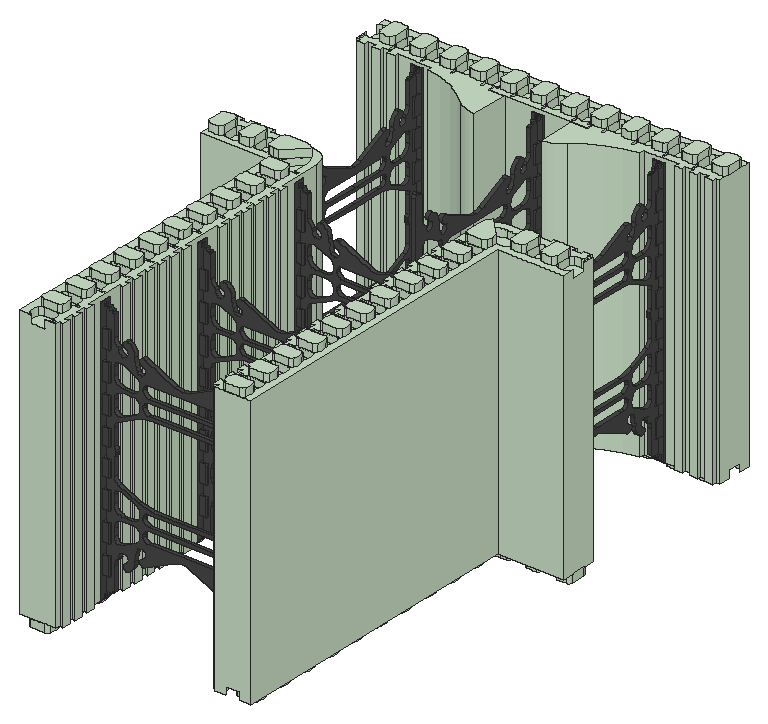
Revit family (continued)
Forms (in)
  Extrusion 46, void
    sketch origin (4, 6, 0) x (-1, 0, 0) y (0, -1, 0)
      loop
        arc (-5.13595, 25.8269) -> (-5.1875, 25.49998) -> (-5.13595, 25.17306) r 1.0625
    from 0 to 0.5
  Extrusion 47, void
    sketch origin (4, 8, 0) x (-1, 0, 0) y (0, -1, 0)
      loop
        arc (-5.13595, 25.17306) -> (-5.04517, 25.04783) -> (-4.89808, 24.99998) r 0.25
        line (-4.89808, 24.99998) -> (-3.97692, 24.99998)
        arc (-3.97692, 24.99998) -> (-3.82983, 25.04783) -> (-3.73905, 25.17306) r 0.25
        arc (-3.73905, 25.17306) -> (-3.69045, 25.4209) -> (-3.70172, 25.67321) r 1.0625
        arc (-3.70172, 25.67321) -> (-3.68771, 25.72383) -> (-3.64005, 25.7459) r 0.0625
        line (-3.64005, 25.7459) -> (-3.41845, 25.7459) -> (-3.41845, 25.91673) -> (-3.76455, 25.91673)
        arc (-3.76455, 25.91673) -> (-3.78736, 25.92104) -> (-3.80702, 25.93338) r 0.0625
        arc (-3.80702, 25.93338) -> (-3.88568, 25.98274) -> (-3.97692, 25.99998) r 0.25
        line (-3.97692, 25.99998) -> (-4.89808, 25.99998)
        arc (-4.89808, 25.99998) -> (-5.04517, 25.95213) -> (-5.13595, 25.8269) r 0.25
        arc (-5.13595, 25.8269) -> (-5.1875, 25.49998) -> (-5.13595, 25.17306) r 1.0625
    from 0 to 0.5
  Extrusion 48, void
    sketch origin (4, 10, 0) x (-1, 0, 0) y (0, -1, 0)
      loop
        arc (-5.13595, 25.17306) -> (-5.04517, 25.04783) -> (-4.89808, 24.99998) r 0.25
        line (-4.89808, 24.99998) -> (-3.97692, 24.99998)
        arc (-3.97692, 24.99998) -> (-3.82983, 25.04783) -> (-3.73905, 25.17306) r 0.25
        arc (-3.73905, 25.17306) -> (-3.69045, 25.4209) -> (-3.70172, 25.67321) r 1.0625
        arc (-3.70172, 25.67321) -> (-3.68771, 25.72383) -> (-3.64005, 25.7459) r 0.0625
        line (-3.64005, 25.7459) -> (-3.41845, 25.7459) -> (-3.41845, 25.91673) -> (-3.76455, 25.91673)
        arc (-3.76455, 25.91673) -> (-3.78736, 25.92104) -> (-3.80702, 25.93338) r 0.0625
        arc (-3.80702, 25.93338) -> (-3.88568, 25.98274) -> (-3.97692, 25.99998) r 0.25
        line (-3.97692, 25.99998) -> (-4.89808, 25.99998)
        arc (-4.89808, 25.99998) -> (-5.04517, 25.95213) -> (-5.13595, 25.8269) r 0.25
        arc (-5.13595, 25.8269) -> (-5.1875, 25.49998) -> (-5.13595, 25.17306) r 1.0625
    from 0 to 0.5
  Extrusion 49, void
    sketch origin (4, 12, 0) x (-1, 0, 0) y (0, -1, 0)
      loop
        arc (-5.13595, 25.17306) -> (-5.04517, 25.04783) -> (-4.89808, 24.99998) r 0.25
        line (-4.89808, 24.99998) -> (-3.97692, 24.99998)
        arc (-3.97692, 24.99998) -> (-3.82983, 25.04783) -> (-3.73905, 25.17306) r 0.25
        arc (-3.73905, 25.17306) -> (-3.69045, 25.4209) -> (-3.70172, 25.67321) r 1.0625
        arc (-3.70172, 25.67321) -> (-3.68771, 25.72383) -> (-3.64005, 25.7459) r 0.0625
        line (-3.64005, 25.7459) -> (-3.41845, 25.7459) -> (-3.41845, 25.91673) -> (-3.76455, 25.91673)
        arc (-3.76455, 25.91673) -> (-3.78736, 25.92104) -> (-3.80702, 25.93338) r 0.0625
        arc (-3.80702, 25.93338) -> (-3.88568, 25.98274) -> (-3.97692, 25.99998) r 0.25
        line (-3.97692, 25.99998) -> (-4.89808, 25.99998)
        arc (-4.89808, 25.99998) -> (-5.04517, 25.95213) -> (-5.13595, 25.8269) r 0.25
        arc (-5.13595, 25.8269) -> (-5.1875, 25.49998) -> (-5.13595, 25.17306) r 1.0625
    from 0 to 0.5
  Extrusion 50, void
    sketch origin (4, 14, 0) x (-1, 0, 0) y (0, -1, 0)
      loop
        arc (-5.13595, 25.17306) -> (-5.04517, 25.04783) -> (-4.89808, 24.99998) r 0.25
        line (-4.89808, 24.99998) -> (-3.97692, 24.99998)
        arc (-3.97692, 24.99998) -> (-3.82983, 25.04783) -> (-3.73905, 25.17306) r 0.25
        arc (-3.73905, 25.17306) -> (-3.69045, 25.4209) -> (-3.70172, 25.67321) r 1.0625
        arc (-3.70172, 25.67321) -> (-3.68771, 25.72383) -> (-3.64005, 25.7459) r 0.0625
        line (-3.64005, 25.7459) -> (-3.41845, 25.7459) -> (-3.41845, 25.91673) -> (-3.76455, 25.91673)
        arc (-3.76455, 25.91673) -> (-3.78736, 25.92104) -> (-3.80702, 25.93338) r 0.0625
        arc (-3.80702, 25.93338) -> (-3.88568, 25.98274) -> (-3.97692, 25.99998) r 0.25
        line (-3.97692, 25.99998) -> (-4.89808, 25.99998)
        arc (-4.89808, 25.99998) -> (-5.04517, 25.95213) -> (-5.13595, 25.8269) r 0.25
        arc (-5.13595, 25.8269) -> (-5.1875, 25.49998) -> (-5.13595, 25.17306) r 1.0625
    from 0 to 0.5
  Extrusion 51, void
    sketch origin (4.00002, -3.99998, 0) x (0, -1, 0) y (1, 0, 0)
      loop
        arc (5.67323, 3.7017) -> (5.72385, 3.68769) -> (5.74592, 3.64003) r 0.0625
        line (5.74592, 3.64003) -> (5.74592, 3.41844) -> (5.91675, 3.41844) -> (5.91675, 3.76453)
        arc (5.91675, 3.76453) -> (5.92106, 3.78734) -> (5.9334, 3.807) r 0.0625
        arc (5.9334, 3.807) -> (5.98276, 3.88566) -> (6, 3.9769) r 0.25
        line (6, 3.9769) -> (6, 4.89806)
        arc (6, 4.89806) -> (5.95215, 5.04515) -> (5.82692, 5.13593) r 0.25
        arc (5.82692, 5.13593) -> (5.66548, 5.17452) -> (5.5, 5.18748) r 1.0625
        line (5.5, 5.18748) -> (5.1875, 5.18748) -> (3.98039, 3.98037)
        arc (3.98039, 3.98037) -> (4.30482, 3.7636) -> (4.6875, 3.68748) r 1
        line (4.6875, 3.68748) -> (5.5, 3.68748)
        arc (5.5, 3.68748) -> (5.58691, 3.69104) -> (5.67323, 3.7017) r 1.0625
    from 0 to 0.5
  Extrusion 52, void
    sketch origin (35.99998, -3.99998, 0) x (0, 1, 0) y (-1, 0, 0)
      loop
        arc (-5.13595, 25.17306) -> (-5.04517, 25.04783) -> (-4.89808, 24.99998) r 0.25
        line (-4.89808, 24.99998) -> (-3.97692, 24.99998)
        arc (-3.97692, 24.99998) -> (-3.82983, 25.04783) -> (-3.73905, 25.17306) r 0.25
        arc (-3.73905, 25.17306) -> (-3.69045, 25.4209) -> (-3.70172, 25.67321) r 1.0625
        arc (-3.70172, 25.67321) -> (-3.68771, 25.72383) -> (-3.64005, 25.7459) r 0.0625
        line (-3.64005, 25.7459) -> (-3.41845, 25.7459) -> (-3.41845, 25.91673) -> (-3.76455, 25.91673)
        arc (-3.76455, 25.91673) -> (-3.78736, 25.92104) -> (-3.80702, 25.93338) r 0.0625
        arc (-3.80702, 25.93338) -> (-3.88568, 25.98274) -> (-3.97692, 25.99998) r 0.25
        line (-3.97692, 25.99998) -> (-4.89808, 25.99998)
        arc (-4.89808, 25.99998) -> (-5.04517, 25.95213) -> (-5.13595, 25.8269) r 0.25
        arc (-5.13595, 25.8269) -> (-5.1875, 25.49998) -> (-5.13595, 25.17306) r 1.0625
    from 0 to 0.5
  Extrusion 53, void
    sketch origin (37.99998, -3.99998, 0) x (0, 1, 0) y (-1, 0, 0)
      loop
        arc (-5.13595, 25.17306) -> (-5.04517, 25.04783) -> (-4.89808, 24.99998) r 0.25
        line (-4.89808, 24.99998) -> (-3.97692, 24.99998)
        arc (-3.97692, 24.99998) -> (-3.82983, 25.04783) -> (-3.73905, 25.17306) r 0.25
        arc (-3.73905, 25.17306) -> (-3.69045, 25.4209) -> (-3.70172, 25.67321) r 1.0625
        arc (-3.70172, 25.67321) -> (-3.68771, 25.72383) -> (-3.64005, 25.7459) r 0.0625
        line (-3.64005, 25.7459) -> (-3.41845, 25.7459) -> (-3.41845, 25.91673) -> (-3.76455, 25.91673)
        arc (-3.76455, 25.91673) -> (-3.78736, 25.92104) -> (-3.80702, 25.93338) r 0.0625
        arc (-3.80702, 25.93338) -> (-3.88568, 25.98274) -> (-3.97692, 25.99998) r 0.25
        line (-3.97692, 25.99998) -> (-4.89808, 25.99998)
        arc (-4.89808, 25.99998) -> (-5.04517, 25.95213) -> (-5.13595, 25.8269) r 0.25
        arc (-5.13595, 25.8269) -> (-5.1875, 25.49998) -> (-5.13595, 25.17306) r 1.0625
    from 0 to 0.5
  Extrusion 54, void
    sketch origin (15.99998, -0.00002, 0) x (0, -1, 0) y (1, 0, 0)
      loop
        arc (-5.13595, -25.17306) -> (-5.1875, -25.49998) -> (-5.13595, -25.8269) r 1.0625
        arc (-5.13595, -25.8269) -> (-5.04517, -25.95213) -> (-4.89808, -25.99998) r 0.25
        line (-4.89808, -25.99998) -> (-3.97692, -25.99998)
        arc (-3.97692, -25.99998) -> (-3.88568, -25.98274) -> (-3.80702, -25.93338) r 0.25
        arc (-3.80702, -25.93338) -> (-3.78736, -25.92104) -> (-3.76455, -25.91673) r 0.0625
        line (-3.76455, -25.91673) -> (-3.41845, -25.91673) -> (-3.41845, -25.7459) -> (-3.64005, -25.7459)
        arc (-3.64005, -25.7459) -> (-3.68771, -25.72383) -> (-3.70172, -25.67321) r 0.0625
        arc (-3.70172, -25.67321) -> (-3.69045, -25.4209) -> (-3.73905, -25.17306) r 1.0625
        arc (-3.73905, -25.17306) -> (-3.82983, -25.04783) -> (-3.97692, -24.99998) r 0.25
        line (-3.97692, -24.99998) -> (-4.89808, -24.99998)
        arc (-4.89808, -24.99998) -> (-5.04517, -25.04783) -> (-5.13595, -25.17306) r 0.25
    from 18 to 17.5
  Extrusion 55, void
    sketch origin (17.99998, -0.00002, 0) x (0, -1, 0) y (1, 0, 0)
      loop
        arc (-5.13595, -25.17306) -> (-5.1875, -25.49998) -> (-5.13595, -25.8269) r 1.0625
        arc (-5.13595, -25.8269) -> (-5.04517, -25.95213) -> (-4.89808, -25.99998) r 0.25
        line (-4.89808, -25.99998) -> (-3.97692, -25.99998)
        arc (-3.97692, -25.99998) -> (-3.88568, -25.98274) -> (-3.80702, -25.93338) r 0.25
        arc (-3.80702, -25.93338) -> (-3.78736, -25.92104) -> (-3.76455, -25.91673) r 0.0625
        line (-3.76455, -25.91673) -> (-3.41845, -25.91673) -> (-3.41845, -25.7459) -> (-3.64005, -25.7459)
        arc (-3.64005, -25.7459) -> (-3.68771, -25.72383) -> (-3.70172, -25.67321) r 0.0625
        arc (-3.70172, -25.67321) -> (-3.69045, -25.4209) -> (-3.73905, -25.17306) r 1.0625
        arc (-3.73905, -25.17306) -> (-3.82983, -25.04783) -> (-3.97692, -24.99998) r 0.25
        line (-3.97692, -24.99998) -> (-4.89808, -24.99998)
        arc (-4.89808, -24.99998) -> (-5.04517, -25.04783) -> (-5.13595, -25.17306) r 0.25
    from 18 to 17.5
  Extrusion 56, void
    sketch origin (19.99998, -0.00002, 0) x (0, -1, 0) y (1, 0, 0)
      loop
        arc (-5.13595, -25.17306) -> (-5.1875, -25.49998) -> (-5.13595, -25.8269) r 1.0625
        arc (-5.13595, -25.8269) -> (-5.04517, -25.95213) -> (-4.89808, -25.99998) r 0.25
        line (-4.89808, -25.99998) -> (-3.97692, -25.99998)
        arc (-3.97692, -25.99998) -> (-3.88568, -25.98274) -> (-3.80702, -25.93338) r 0.25
        arc (-3.80702, -25.93338) -> (-3.78736, -25.92104) -> (-3.76455, -25.91673) r 0.0625
        line (-3.76455, -25.91673) -> (-3.41845, -25.91673) -> (-3.41845, -25.7459) -> (-3.64005, -25.7459)
        arc (-3.64005, -25.7459) -> (-3.68771, -25.72383) -> (-3.70172, -25.67321) r 0.0625
        arc (-3.70172, -25.67321) -> (-3.69045, -25.4209) -> (-3.73905, -25.17306) r 1.0625
        arc (-3.73905, -25.17306) -> (-3.82983, -25.04783) -> (-3.97692, -24.99998) r 0.25
        line (-3.97692, -24.99998) -> (-4.89808, -24.99998)
        arc (-4.89808, -24.99998) -> (-5.04517, -25.04783) -> (-5.13595, -25.17306) r 0.25
    from 18 to 17.5
  Extrusion 57, void
    sketch origin (21.99998, -0.00002, 0) x (0, -1, 0) y (1, 0, 0)
      loop
        arc (-5.13595, -25.17306) -> (-5.1875, -25.49998) -> (-5.13595, -25.8269) r 1.0625
        arc (-5.13595, -25.8269) -> (-5.04517, -25.95213) -> (-4.89808, -25.99998) r 0.25
        line (-4.89808, -25.99998) -> (-3.97692, -25.99998)
        arc (-3.97692, -25.99998) -> (-3.88568, -25.98274) -> (-3.80702, -25.93338) r 0.25
        arc (-3.80702, -25.93338) -> (-3.78736, -25.92104) -> (-3.76455, -25.91673) r 0.0625
        line (-3.76455, -25.91673) -> (-3.41845, -25.91673) -> (-3.41845, -25.7459) -> (-3.64005, -25.7459)
        arc (-3.64005, -25.7459) -> (-3.68771, -25.72383) -> (-3.70172, -25.67321) r 0.0625
        arc (-3.70172, -25.67321) -> (-3.69045, -25.4209) -> (-3.73905, -25.17306) r 1.0625
        arc (-3.73905, -25.17306) -> (-3.82983, -25.04783) -> (-3.97692, -24.99998) r 0.25
        line (-3.97692, -24.99998) -> (-4.89808, -24.99998)
        arc (-4.89808, -24.99998) -> (-5.04517, -25.04783) -> (-5.13595, -25.17306) r 0.25
    from 18 to 17.5
  Extrusion 58, void
    sketch origin (23.99998, -0.00002, 0) x (0, -1, 0) y (1, 0, 0)
      loop
        arc (-5.13595, -25.17306) -> (-5.1875, -25.49998) -> (-5.13595, -25.8269) r 1.0625
        arc (-5.13595, -25.8269) -> (-5.04517, -25.95213) -> (-4.89808, -25.99998) r 0.25
        line (-4.89808, -25.99998) -> (-3.97692, -25.99998)
        arc (-3.97692, -25.99998) -> (-3.88568, -25.98274) -> (-3.80702, -25.93338) r 0.25
        arc (-3.80702, -25.93338) -> (-3.78736, -25.92104) -> (-3.76455, -25.91673) r 0.0625
        line (-3.76455, -25.91673) -> (-3.41845, -25.91673) -> (-3.41845, -25.7459) -> (-3.64005, -25.7459)
        arc (-3.64005, -25.7459) -> (-3.68771, -25.72383) -> (-3.70172, -25.67321) r 0.0625
        arc (-3.70172, -25.67321) -> (-3.69045, -25.4209) -> (-3.73905, -25.17306) r 1.0625
        arc (-3.73905, -25.17306) -> (-3.82983, -25.04783) -> (-3.97692, -24.99998) r 0.25
        line (-3.97692, -24.99998) -> (-4.89808, -24.99998)
        arc (-4.89808, -24.99998) -> (-5.04517, -25.04783) -> (-5.13595, -25.17306) r 0.25
    from 18 to 17.5
  Extrusion 59, void
    sketch origin (29.99998, -0.00002, 0) x (0, -1, 0) y (1, 0, 0)
      loop
        arc (-5.13595, -25.17306) -> (-5.1875, -25.49998) -> (-5.13595, -25.8269) r 1.0625
        arc (-5.13595, -25.8269) -> (-5.04517, -25.95213) -> (-4.89808, -25.99998) r 0.25
        line (-4.89808, -25.99998) -> (-3.97692, -25.99998)
        arc (-3.97692, -25.99998) -> (-3.88568, -25.98274) -> (-3.80702, -25.93338) r 0.25
        arc (-3.80702, -25.93338) -> (-3.78736, -25.92104) -> (-3.76455, -25.91673) r 0.0625
        line (-3.76455, -25.91673) -> (-3.41845, -25.91673) -> (-3.41845, -25.7459) -> (-3.64005, -25.7459)
        arc (-3.64005, -25.7459) -> (-3.68771, -25.72383) -> (-3.70172, -25.67321) r 0.0625
        arc (-3.70172, -25.67321) -> (-3.69045, -25.4209) -> (-3.73905, -25.17306) r 1.0625
        arc (-3.73905, -25.17306) -> (-3.82983, -25.04783) -> (-3.97692, -24.99998) r 0.25
        line (-3.97692, -24.99998) -> (-4.89808, -24.99998)
        arc (-4.89808, -24.99998) -> (-5.04517, -25.04783) -> (-5.13595, -25.17306) r 0.25
    from 18 to 17.5
  Extrusion 60, void
    sketch origin (31.99998, -0.00002, 0) x (0, -1, 0) y (1, 0, 0)
      loop
        arc (-5.13595, -25.17306) -> (-5.1875, -25.49998) -> (-5.13595, -25.8269) r 1.0625
        arc (-5.13595, -25.8269) -> (-5.04517, -25.95213) -> (-4.89808, -25.99998) r 0.25
        line (-4.89808, -25.99998) -> (-3.97692, -25.99998)
        arc (-3.97692, -25.99998) -> (-3.88568, -25.98274) -> (-3.80702, -25.93338) r 0.25
        arc (-3.80702, -25.93338) -> (-3.78736, -25.92104) -> (-3.76455, -25.91673) r 0.0625
        line (-3.76455, -25.91673) -> (-3.41845, -25.91673) -> (-3.41845, -25.7459) -> (-3.64005, -25.7459)
        arc (-3.64005, -25.7459) -> (-3.68771, -25.72383) -> (-3.70172, -25.67321) r 0.0625
        arc (-3.70172, -25.67321) -> (-3.69045, -25.4209) -> (-3.73905, -25.17306) r 1.0625
        arc (-3.73905, -25.17306) -> (-3.82983, -25.04783) -> (-3.97692, -24.99998) r 0.25
        line (-3.97692, -24.99998) -> (-4.89808, -24.99998)
        arc (-4.89808, -24.99998) -> (-5.04517, -25.04783) -> (-5.13595, -25.17306) r 0.25
    from 18 to 17.5
  Extrusion 61, void
    sketch origin (33.99998, -0.00002, 0) x (0, -1, 0) y (1, 0, 0)
      loop
        arc (-5.13595, -25.17306) -> (-5.1875, -25.49998) -> (-5.13595, -25.8269) r 1.0625
        arc (-5.13595, -25.8269) -> (-5.04517, -25.95213) -> (-4.89808, -25.99998) r 0.25
        line (-4.89808, -25.99998) -> (-3.97692, -25.99998)
        arc (-3.97692, -25.99998) -> (-3.88568, -25.98274) -> (-3.80702, -25.93338) r 0.25
        arc (-3.80702, -25.93338) -> (-3.78736, -25.92104) -> (-3.76455, -25.91673) r 0.0625
        line (-3.76455, -25.91673) -> (-3.41845, -25.91673) -> (-3.41845, -25.7459) -> (-3.64005, -25.7459)
        arc (-3.64005, -25.7459) -> (-3.68771, -25.72383) -> (-3.70172, -25.67321) r 0.0625
        arc (-3.70172, -25.67321) -> (-3.69045, -25.4209) -> (-3.73905, -25.17306) r 1.0625
        arc (-3.73905, -25.17306) -> (-3.82983, -25.04783) -> (-3.97692, -24.99998) r 0.25
        line (-3.97692, -24.99998) -> (-4.89808, -24.99998)
        arc (-4.89808, -24.99998) -> (-5.04517, -25.04783) -> (-5.13595, -25.17306) r 0.25
    from 18 to 17.5
  Extrusion 62, void
    sketch origin (35.99998, -0.00002, 0) x (0, -1, 0) y (1, 0, 0)
      loop
        arc (-5.13595, -25.17306) -> (-5.1875, -25.49998) -> (-5.13595, -25.8269) r 1.0625
        arc (-5.13595, -25.8269) -> (-5.04517, -25.95213) -> (-4.89808, -25.99998) r 0.25
        line (-4.89808, -25.99998) -> (-3.97692, -25.99998)
        arc (-3.97692, -25.99998) -> (-3.88568, -25.98274) -> (-3.80702, -25.93338) r 0.25
        arc (-3.80702, -25.93338) -> (-3.78736, -25.92104) -> (-3.76455, -25.91673) r 0.0625
        line (-3.76455, -25.91673) -> (-3.41845, -25.91673) -> (-3.41845, -25.7459) -> (-3.64005, -25.7459)
        arc (-3.64005, -25.7459) -> (-3.68771, -25.72383) -> (-3.70172, -25.67321) r 0.0625
        arc (-3.70172, -25.67321) -> (-3.69045, -25.4209) -> (-3.73905, -25.17306) r 1.0625
        arc (-3.73905, -25.17306) -> (-3.82983, -25.04783) -> (-3.97692, -24.99998) r 0.25
        line (-3.97692, -24.99998) -> (-4.89808, -24.99998)
        arc (-4.89808, -24.99998) -> (-5.04517, -25.04783) -> (-5.13595, -25.17306) r 0.25
    from 18 to 17.5
  Extrusion 63, void
    sketch origin (-33.99998, -0.00002, 0) x (0, -1, 0) y (1, 0, 0)
      loop
        arc (-5.13595, 25.17306) -> (-5.04517, 25.04783) -> (-4.89808, 24.99998) r 0.25
        line (-4.89808, 24.99998) -> (-3.97692, 24.99998)
        arc (-3.97692, 24.99998) -> (-3.82983, 25.04783) -> (-3.73905, 25.17306) r 0.25
        arc (-3.73905, 25.17306) -> (-3.69045, 25.4209) -> (-3.70172, 25.67321) r 1.0625
        arc (-3.70172, 25.67321) -> (-3.68771, 25.72383) -> (-3.64005, 25.7459) r 0.0625
        line (-3.64005, 25.7459) -> (-3.41845, 25.7459) -> (-3.41845, 25.91673) -> (-3.76455, 25.91673)
        arc (-3.76455, 25.91673) -> (-3.78736, 25.92104) -> (-3.80702, 25.93338) r 0.0625
        arc (-3.80702, 25.93338) -> (-3.88568, 25.98274) -> (-3.97692, 25.99998) r 0.25
        line (-3.97692, 25.99998) -> (-4.89808, 25.99998)
        arc (-4.89808, 25.99998) -> (-5.04517, 25.95213) -> (-5.13595, 25.8269) r 0.25
        arc (-5.13595, 25.8269) -> (-5.1875, 25.49998) -> (-5.13595, 25.17306) r 1.0625
    from 0 to 0.5
  Extrusion 64, void
    sketch origin (-31.99998, -0.00002, 0) x (0, -1, 0) y (1, 0, 0)
      loop
        arc (-5.13595, 25.17306) -> (-5.04517, 25.04783) -> (-4.89808, 24.99998) r 0.25
        line (-4.89808, 24.99998) -> (-3.97692, 24.99998)
        arc (-3.97692, 24.99998) -> (-3.82983, 25.04783) -> (-3.73905, 25.17306) r 0.25
        arc (-3.73905, 25.17306) -> (-3.69045, 25.4209) -> (-3.70172, 25.67321) r 1.0625
        arc (-3.70172, 25.67321) -> (-3.68771, 25.72383) -> (-3.64005, 25.7459) r 0.0625
        line (-3.64005, 25.7459) -> (-3.41845, 25.7459) -> (-3.41845, 25.91673) -> (-3.76455, 25.91673)
        arc (-3.76455, 25.91673) -> (-3.78736, 25.92104) -> (-3.80702, 25.93338) r 0.0625
        arc (-3.80702, 25.93338) -> (-3.88568, 25.98274) -> (-3.97692, 25.99998) r 0.25
        line (-3.97692, 25.99998) -> (-4.89808, 25.99998)
        arc (-4.89808, 25.99998) -> (-5.04517, 25.95213) -> (-5.13595, 25.8269) r 0.25
        arc (-5.13595, 25.8269) -> (-5.1875, 25.49998) -> (-5.13595, 25.17306) r 1.0625
    from 0 to 0.5
  Extrusion 65, void
    sketch origin (-29.99998, -0.00002, 0) x (0, -1, 0) y (1, 0, 0)
      loop
        arc (-5.13595, 25.17306) -> (-5.04517, 25.04783) -> (-4.89808, 24.99998) r 0.25
        line (-4.89808, 24.99998) -> (-3.97692, 24.99998)
        arc (-3.97692, 24.99998) -> (-3.82983, 25.04783) -> (-3.73905, 25.17306) r 0.25
        arc (-3.73905, 25.17306) -> (-3.69045, 25.4209) -> (-3.70172, 25.67321) r 1.0625
        arc (-3.70172, 25.67321) -> (-3.68771, 25.72383) -> (-3.64005, 25.7459) r 0.0625
        line (-3.64005, 25.7459) -> (-3.41845, 25.7459) -> (-3.41845, 25.91673) -> (-3.76455, 25.91673)
        arc (-3.76455, 25.91673) -> (-3.78736, 25.92104) -> (-3.80702, 25.93338) r 0.0625
        arc (-3.80702, 25.93338) -> (-3.88568, 25.98274) -> (-3.97692, 25.99998) r 0.25
        line (-3.97692, 25.99998) -> (-4.89808, 25.99998)
        arc (-4.89808, 25.99998) -> (-5.04517, 25.95213) -> (-5.13595, 25.8269) r 0.25
        arc (-5.13595, 25.8269) -> (-5.1875, 25.49998) -> (-5.13595, 25.17306) r 1.0625
    from 0 to 0.5
  Extrusion 66, void
    sketch origin (-27.99998, -0.00002, 0) x (0, -1, 0) y (1, 0, 0)
      loop
        arc (-5.13595, 25.17306) -> (-5.04517, 25.04783) -> (-4.89808, 24.99998) r 0.25
        line (-4.89808, 24.99998) -> (-3.97692, 24.99998)
        arc (-3.97692, 24.99998) -> (-3.82983, 25.04783) -> (-3.73905, 25.17306) r 0.25
        arc (-3.73905, 25.17306) -> (-3.69045, 25.4209) -> (-3.70172, 25.67321) r 1.0625
        arc (-3.70172, 25.67321) -> (-3.68771, 25.72383) -> (-3.64005, 25.7459) r 0.0625
        line (-3.64005, 25.7459) -> (-3.41845, 25.7459) -> (-3.41845, 25.91673) -> (-3.76455, 25.91673)
        arc (-3.76455, 25.91673) -> (-3.78736, 25.92104) -> (-3.80702, 25.93338) r 0.0625
        arc (-3.80702, 25.93338) -> (-3.88568, 25.98274) -> (-3.97692, 25.99998) r 0.25
        line (-3.97692, 25.99998) -> (-4.89808, 25.99998)
        arc (-4.89808, 25.99998) -> (-5.04517, 25.95213) -> (-5.13595, 25.8269) r 0.25
        arc (-5.13595, 25.8269) -> (-5.1875, 25.49998) -> (-5.13595, 25.17306) r 1.0625
    from 0 to 0.5
  Extrusion 67, void
    sketch origin (-19.99998, -0.00002, 0) x (0, -1, 0) y (1, 0, 0)
      loop
        arc (-5.13595, 25.17306) -> (-5.04517, 25.04783) -> (-4.89808, 24.99998) r 0.25
        line (-4.89808, 24.99998) -> (-3.97692, 24.99998)
        arc (-3.97692, 24.99998) -> (-3.82983, 25.04783) -> (-3.73905, 25.17306) r 0.25
        arc (-3.73905, 25.17306) -> (-3.69045, 25.4209) -> (-3.70172, 25.67321) r 1.0625
        arc (-3.70172, 25.67321) -> (-3.68771, 25.72383) -> (-3.64005, 25.7459) r 0.0625
        line (-3.64005, 25.7459) -> (-3.41845, 25.7459) -> (-3.41845, 25.91673) -> (-3.76455, 25.91673)
        arc (-3.76455, 25.91673) -> (-3.78736, 25.92104) -> (-3.80702, 25.93338) r 0.0625
        arc (-3.80702, 25.93338) -> (-3.88568, 25.98274) -> (-3.97692, 25.99998) r 0.25
        line (-3.97692, 25.99998) -> (-4.89808, 25.99998)
        arc (-4.89808, 25.99998) -> (-5.04517, 25.95213) -> (-5.13595, 25.8269) r 0.25
        arc (-5.13595, 25.8269) -> (-5.1875, 25.49998) -> (-5.13595, 25.17306) r 1.0625
    from 0 to 0.5
  Extrusion 68, void
    sketch origin (-17.99998, -0.00002, 0) x (0, -1, 0) y (1, 0, 0)
      loop
        arc (-5.13595, 25.17306) -> (-5.04517, 25.04783) -> (-4.89808, 24.99998) r 0.25
        line (-4.89808, 24.99998) -> (-3.97692, 24.99998)
        arc (-3.97692, 24.99998) -> (-3.82983, 25.04783) -> (-3.73905, 25.17306) r 0.25
        arc (-3.73905, 25.17306) -> (-3.69045, 25.4209) -> (-3.70172, 25.67321) r 1.0625
        arc (-3.70172, 25.67321) -> (-3.68771, 25.72383) -> (-3.64005, 25.7459) r 0.0625
        line (-3.64005, 25.7459) -> (-3.41845, 25.7459) -> (-3.41845, 25.91673) -> (-3.76455, 25.91673)
        arc (-3.76455, 25.91673) -> (-3.78736, 25.92104) -> (-3.80702, 25.93338) r 0.0625
        arc (-3.80702, 25.93338) -> (-3.88568, 25.98274) -> (-3.97692, 25.99998) r 0.25
        line (-3.97692, 25.99998) -> (-4.89808, 25.99998)
        arc (-4.89808, 25.99998) -> (-5.04517, 25.95213) -> (-5.13595, 25.8269) r 0.25
        arc (-5.13595, 25.8269) -> (-5.1875, 25.49998) -> (-5.13595, 25.17306) r 1.0625
    from 0 to 0.5
  Extrusion 69, void
    sketch origin (-15.99998, -0.00002, 0) x (0, -1, 0) y (1, 0, 0)
      loop
        arc (-5.13595, 25.17306) -> (-5.04517, 25.04783) -> (-4.89808, 24.99998) r 0.25
        line (-4.89808, 24.99998) -> (-3.97692, 24.99998)
        arc (-3.97692, 24.99998) -> (-3.82983, 25.04783) -> (-3.73905, 25.17306) r 0.25
        arc (-3.73905, 25.17306) -> (-3.69045, 25.4209) -> (-3.70172, 25.67321) r 1.0625
        arc (-3.70172, 25.67321) -> (-3.68771, 25.72383) -> (-3.64005, 25.7459) r 0.0625
        line (-3.64005, 25.7459) -> (-3.41845, 25.7459) -> (-3.41845, 25.91673) -> (-3.76455, 25.91673)
        arc (-3.76455, 25.91673) -> (-3.78736, 25.92104) -> (-3.80702, 25.93338) r 0.0625
        arc (-3.80702, 25.93338) -> (-3.88568, 25.98274) -> (-3.97692, 25.99998) r 0.25
        line (-3.97692, 25.99998) -> (-4.89808, 25.99998)
        arc (-4.89808, 25.99998) -> (-5.04517, 25.95213) -> (-5.13595, 25.8269) r 0.25
        arc (-5.13595, 25.8269) -> (-5.1875, 25.49998) -> (-5.13595, 25.17306) r 1.0625
    from 0 to 0.5
  Extrusion 70, void
    sketch origin (-13.99998, -0.00002, 0) x (0, -1, 0) y (1, 0, 0)
      loop
        arc (-5.13595, 25.17306) -> (-5.04517, 25.04783) -> (-4.89808, 24.99998) r 0.25
        line (-4.89808, 24.99998) -> (-3.97692, 24.99998)
        arc (-3.97692, 24.99998) -> (-3.82983, 25.04783) -> (-3.73905, 25.17306) r 0.25
        arc (-3.73905, 25.17306) -> (-3.69045, 25.4209) -> (-3.70172, 25.67321) r 1.0625
        arc (-3.70172, 25.67321) -> (-3.68771, 25.72383) -> (-3.64005, 25.7459) r 0.0625
        line (-3.64005, 25.7459) -> (-3.41845, 25.7459) -> (-3.41845, 25.91673) -> (-3.76455, 25.91673)
        arc (-3.76455, 25.91673) -> (-3.78736, 25.92104) -> (-3.80702, 25.93338) r 0.0625
        arc (-3.80702, 25.93338) -> (-3.88568, 25.98274) -> (-3.97692, 25.99998) r 0.25
        line (-3.97692, 25.99998) -> (-4.89808, 25.99998)
        arc (-4.89808, 25.99998) -> (-5.04517, 25.95213) -> (-5.13595, 25.8269) r 0.25
        arc (-5.13595, 25.8269) -> (-5.1875, 25.49998) -> (-5.13595, 25.17306) r 1.0625
    from 0 to 0.5
  Extrusion 71, solid, material "NUDURA Expanded Polystyrene Foam Insulation"
    sketch origin (4, -4, 0) x (1, 0, 0) y (0, 1, 0)
      loop
        arc (3.98039, -3.98037) -> (3.76362, -4.3048) -> (3.6875, -4.68748) r 1
        line (3.6875, -4.68748) -> (3.6875, -5.49998)
        arc (3.6875, -5.49998) -> (3.70047, -5.66546) -> (3.73905, -5.8269) r 1.0625
        arc (3.73905, -5.8269) -> (3.82983, -5.95213) -> (3.97692, -5.99998) r 0.25
        line (3.97692, -5.99998) -> (4.89808, -5.99998)
        arc (4.89808, -5.99998) -> (5.04517, -5.95213) -> (5.13595, -5.8269) r 0.25
        arc (5.13595, -5.8269) -> (5.17453, -5.66546) -> (5.1875, -5.49998) r 1.0625
        line (5.1875, -5.49998) -> (5.1875, -5.18748) -> (3.98039, -3.98037)
    from 18 to 18.5
  Extrusion 72, solid, material "NUDURA Expanded Polystyrene Foam Insulation"
    sketch origin (0, -4, 0) x (1, 0, 0) y (0, 1, 0)
      loop
        line (-4.6875, -3.68748) -> (-5.5, -3.68748)
        arc (-5.5, -3.68748) -> (-5.66548, -3.70045) -> (-5.82692, -3.73903) r 1.0625
        arc (-5.82692, -3.73903) -> (-5.95215, -3.82981) -> (-6, -3.9769) r 0.25
        line (-6, -3.9769) -> (-6, -4.89806)
        arc (-6, -4.89806) -> (-5.95215, -5.04515) -> (-5.82692, -5.13593) r 0.25
        arc (-5.82692, -5.13593) -> (-5.66548, -5.17452) -> (-5.5, -5.18748) r 1.0625
        line (-5.5, -5.18748) -> (-5.1875, -5.18748) -> (-3.98039, -3.98037)
        arc (-3.98039, -3.98037) -> (-4.30482, -3.7636) -> (-4.6875, -3.68748) r 1
    from 18 to 18.5
  Extrusion 73, solid, material "NUDURA Expanded Polystyrene Foam Insulation"
    sketch origin (0, -4, 0) x (1, 0, 0) y (0, 1, 0)
      loop
        line (-5.1875, -5.18748) -> (-5.1875, -5.49998)
        arc (-5.1875, -5.49998) -> (-5.17453, -5.66546) -> (-5.13595, -5.8269) r 1.0625
        arc (-5.13595, -5.8269) -> (-5.04517, -5.95213) -> (-4.89808, -5.99998) r 0.25
        line (-4.89808, -5.99998) -> (-3.97692, -5.99998)
        arc (-3.97692, -5.99998) -> (-3.82983, -5.95213) -> (-3.73905, -5.8269) r 0.25
        arc (-3.73905, -5.8269) -> (-3.70047, -5.66546) -> (-3.6875, -5.49998) r 1.0625
        line (-3.6875, -5.49998) -> (-3.6875, -4.68748)
        arc (-3.6875, -4.68748) -> (-3.76362, -4.3048) -> (-3.98039, -3.98037) r 1
        line (-3.98039, -3.98037) -> (-5.1875, -5.18748)
    from 0 to -0.5
  Extrusion 74, solid, material "NUDURA Expanded Polystyrene Foam Insulation"
    sketch origin (4, -4, 0) x (1, 0, 0) y (0, 1, 0)
      loop
        arc (6, -3.9769) -> (5.95215, -3.82981) -> (5.82692, -3.73903) r 0.25
        arc (5.82692, -3.73903) -> (5.66548, -3.70045) -> (5.5, -3.68748) r 1.0625
        line (5.5, -3.68748) -> (4.6875, -3.68748)
        arc (4.6875, -3.68748) -> (4.30482, -3.7636) -> (3.98039, -3.98037) r 1
        line (3.98039, -3.98037) -> (5.1875, -5.18748) -> (5.5, -5.18748)
        arc (5.5, -5.18748) -> (5.66548, -5.17452) -> (5.82692, -5.13593) r 1.0625
        arc (5.82692, -5.13593) -> (5.95215, -5.04515) -> (6, -4.89806) r 0.25
        line (6, -4.89806) -> (6, -3.9769)
    from 0 to -0.5
  Extrusion 75, void
    sketch origin (-21.99998, -0.00002, 0) x (0, -1, 0) y (1, 0, 0)
      loop
        arc (-5.13595, 25.17306) -> (-5.04517, 25.04783) -> (-4.89808, 24.99998) r 0.25
        line (-4.89808, 24.99998) -> (-3.97692, 24.99998)
        arc (-3.97692, 24.99998) -> (-3.82983, 25.04783) -> (-3.73905, 25.17306) r 0.25
        arc (-3.73905, 25.17306) -> (-3.69045, 25.4209) -> (-3.70172, 25.67321) r 1.0625
        arc (-3.70172, 25.67321) -> (-3.68771, 25.72383) -> (-3.64005, 25.7459) r 0.0625
        line (-3.64005, 25.7459) -> (-3.41845, 25.7459) -> (-3.41845, 25.91673) -> (-3.76455, 25.91673)
        arc (-3.76455, 25.91673) -> (-3.78736, 25.92104) -> (-3.80702, 25.93338) r 0.0625
        arc (-3.80702, 25.93338) -> (-3.88568, 25.98274) -> (-3.97692, 25.99998) r 0.25
        line (-3.97692, 25.99998) -> (-4.89808, 25.99998)
        arc (-4.89808, 25.99998) -> (-5.04517, 25.95213) -> (-5.13595, 25.8269) r 0.25
        arc (-5.13595, 25.8269) -> (-5.1875, 25.49998) -> (-5.13595, 25.17306) r 1.0625
    from 0 to 0.5
  Extrusion 76, solid, material "NUDURA Expanded Polystyrene Foam Insulation"
    sketch origin (0, 0, 0) x (1, 0, 0) y (0, 1, 0)
      loop
        line (-1.25, 5.625) -> (-1.25, 5.17633) -> (-1, 5.24332) -> (-1, 4.63633) -> (-1.25, 4.69867) -> (-1.25, 4.17633) -> (-1, 4.24332) -> (-1, 3.63633) -> (-1.25, 3.69867) -> (-1.25, 3.25) -> (5.25, 3.25) -> (5.25, 3.69867) -> (5, 3.63633) -> (5, 4.24332) -> (5.25, 4.17633) -> (5.25, 4.69867) -> (5, 4.63633) -> (5, 5.24332) -> (5.25, 5.17633) -> (5.25, 5.625) -> (-1.25, 5.625)
    from 0 to 18
  Extrusion 77, void
    sketch origin (25.99998, -0.00002, 0) x (0, -1, 0) y (1, 0, 0)
      loop
        arc (-5.13595, -25.17306) -> (-5.1875, -25.49998) -> (-5.13595, -25.8269) r 1.0625
        arc (-5.13595, -25.8269) -> (-5.04517, -25.95213) -> (-4.89808, -25.99998) r 0.25
        line (-4.89808, -25.99998) -> (-3.97692, -25.99998)
        arc (-3.97692, -25.99998) -> (-3.88568, -25.98274) -> (-3.80702, -25.93338) r 0.25
        arc (-3.80702, -25.93338) -> (-3.78736, -25.92104) -> (-3.76455, -25.91673) r 0.0625
        line (-3.76455, -25.91673) -> (-3.41845, -25.91673) -> (-3.41845, -25.7459) -> (-3.64005, -25.7459)
        arc (-3.64005, -25.7459) -> (-3.68771, -25.72383) -> (-3.70172, -25.67321) r 0.0625
        arc (-3.70172, -25.67321) -> (-3.69045, -25.4209) -> (-3.73905, -25.17306) r 1.0625
        arc (-3.73905, -25.17306) -> (-3.82983, -25.04783) -> (-3.97692, -24.99998) r 0.25
        line (-3.97692, -24.99998) -> (-4.89808, -24.99998)
        arc (-4.89808, -24.99998) -> (-5.04517, -25.04783) -> (-5.13595, -25.17306) r 0.25
    from 18 to 17.5
  Extrusion 78, void
    sketch origin (27.99998, -0.00002, 0) x (0, -1, 0) y (1, 0, 0)
      loop
        arc (-5.13595, -25.17306) -> (-5.1875, -25.49998) -> (-5.13595, -25.8269) r 1.0625
        arc (-5.13595, -25.8269) -> (-5.04517, -25.95213) -> (-4.89808, -25.99998) r 0.25
        line (-4.89808, -25.99998) -> (-3.97692, -25.99998)
        arc (-3.97692, -25.99998) -> (-3.88568, -25.98274) -> (-3.80702, -25.93338) r 0.25
        arc (-3.80702, -25.93338) -> (-3.78736, -25.92104) -> (-3.76455, -25.91673) r 0.0625
        line (-3.76455, -25.91673) -> (-3.41845, -25.91673) -> (-3.41845, -25.7459) -> (-3.64005, -25.7459)
        arc (-3.64005, -25.7459) -> (-3.68771, -25.72383) -> (-3.70172, -25.67321) r 0.0625
        arc (-3.70172, -25.67321) -> (-3.69045, -25.4209) -> (-3.73905, -25.17306) r 1.0625
        arc (-3.73905, -25.17306) -> (-3.82983, -25.04783) -> (-3.97692, -24.99998) r 0.25
        line (-3.97692, -24.99998) -> (-4.89808, -24.99998)
        arc (-4.89808, -24.99998) -> (-5.04517, -25.04783) -> (-5.13595, -25.17306) r 0.25
    from 18 to 17.5
  Extrusion 79, void
    sketch origin (-23.99998, -0.00002, 0) x (0, -1, 0) y (1, 0, 0)
      loop
        arc (-5.13595, 25.17306) -> (-5.04517, 25.04783) -> (-4.89808, 24.99998) r 0.25
        line (-4.89808, 24.99998) -> (-3.97692, 24.99998)
        arc (-3.97692, 24.99998) -> (-3.82983, 25.04783) -> (-3.73905, 25.17306) r 0.25
        arc (-3.73905, 25.17306) -> (-3.69045, 25.4209) -> (-3.70172, 25.67321) r 1.0625
        arc (-3.70172, 25.67321) -> (-3.68771, 25.72383) -> (-3.64005, 25.7459) r 0.0625
        line (-3.64005, 25.7459) -> (-3.41845, 25.7459) -> (-3.41845, 25.91673) -> (-3.76455, 25.91673)
        arc (-3.76455, 25.91673) -> (-3.78736, 25.92104) -> (-3.80702, 25.93338) r 0.0625
        arc (-3.80702, 25.93338) -> (-3.88568, 25.98274) -> (-3.97692, 25.99998) r 0.25
        line (-3.97692, 25.99998) -> (-4.89808, 25.99998)
        arc (-4.89808, 25.99998) -> (-5.04517, 25.95213) -> (-5.13595, 25.8269) r 0.25
        arc (-5.13595, 25.8269) -> (-5.1875, 25.49998) -> (-5.13595, 25.17306) r 1.0625
    from 0 to 0.5
  Extrusion 80, void
    sketch origin (-25.99998, -0.00002, 0) x (0, -1, 0) y (1, 0, 0)
      loop
        arc (-5.13595, 25.17306) -> (-5.04517, 25.04783) -> (-4.89808, 24.99998) r 0.25
        line (-4.89808, 24.99998) -> (-3.97692, 24.99998)
        arc (-3.97692, 24.99998) -> (-3.82983, 25.04783) -> (-3.73905, 25.17306) r 0.25
        arc (-3.73905, 25.17306) -> (-3.69045, 25.4209) -> (-3.70172, 25.67321) r 1.0625
        arc (-3.70172, 25.67321) -> (-3.68771, 25.72383) -> (-3.64005, 25.7459) r 0.0625
        line (-3.64005, 25.7459) -> (-3.41845, 25.7459) -> (-3.41845, 25.91673) -> (-3.76455, 25.91673)
        arc (-3.76455, 25.91673) -> (-3.78736, 25.92104) -> (-3.80702, 25.93338) r 0.0625
        arc (-3.80702, 25.93338) -> (-3.88568, 25.98274) -> (-3.97692, 25.99998) r 0.25
        line (-3.97692, 25.99998) -> (-4.89808, 25.99998)
        arc (-4.89808, 25.99998) -> (-5.04517, 25.95213) -> (-5.13595, 25.8269) r 0.25
        arc (-5.13595, 25.8269) -> (-5.1875, 25.49998) -> (-5.13595, 25.17306) r 1.0625
    from 0 to 0.5
  Extrusion 81, void
    sketch origin (37.99998, -0.00002, 0) x (0, -1, 0) y (1, 0, 0)
      loop
        arc (-5.13595, -25.17306) -> (-5.1875, -25.49998) -> (-5.13595, -25.8269) r 1.0625
        arc (-5.13595, -25.8269) -> (-5.04517, -25.95213) -> (-4.89808, -25.99998) r 0.25
        line (-4.89808, -25.99998) -> (-3.97692, -25.99998)
        arc (-3.97692, -25.99998) -> (-3.88568, -25.98274) -> (-3.80702, -25.93338) r 0.25
        arc (-3.80702, -25.93338) -> (-3.78736, -25.92104) -> (-3.76455, -25.91673) r 0.0625
        line (-3.76455, -25.91673) -> (-3.41845, -25.91673) -> (-3.41845, -25.7459) -> (-3.64005, -25.7459)
        arc (-3.64005, -25.7459) -> (-3.68771, -25.72383) -> (-3.70172, -25.67321) r 0.0625
        arc (-3.70172, -25.67321) -> (-3.69045, -25.4209) -> (-3.73905, -25.17306) r 1.0625
        arc (-3.73905, -25.17306) -> (-3.82983, -25.04783) -> (-3.97692, -24.99998) r 0.25
        line (-3.97692, -24.99998) -> (-4.89808, -24.99998)
        arc (-4.89808, -24.99998) -> (-5.04517, -25.04783) -> (-5.13595, -25.17306) r 0.25
    from 18 to 17.5
  Extrusion 82, void
    sketch origin (-11.99998, -0.00002, 0) x (0, -1, 0) y (1, 0, 0)
      loop
        arc (-5.13595, 25.17306) -> (-5.04517, 25.04783) -> (-4.89808, 24.99998) r 0.25
        line (-4.89808, 24.99998) -> (-3.97692, 24.99998)
        arc (-3.97692, 24.99998) -> (-3.82983, 25.04783) -> (-3.73905, 25.17306) r 0.25
        arc (-3.73905, 25.17306) -> (-3.69045, 25.4209) -> (-3.70172, 25.67321) r 1.0625
        arc (-3.70172, 25.67321) -> (-3.68771, 25.72383) -> (-3.64005, 25.7459) r 0.0625
        line (-3.64005, 25.7459) -> (-3.41845, 25.7459) -> (-3.41845, 25.91673) -> (-3.76455, 25.91673)
        arc (-3.76455, 25.91673) -> (-3.78736, 25.92104) -> (-3.80702, 25.93338) r 0.0625
        arc (-3.80702, 25.93338) -> (-3.88568, 25.98274) -> (-3.97692, 25.99998) r 0.25
        line (-3.97692, 25.99998) -> (-4.89808, 25.99998)
        arc (-4.89808, 25.99998) -> (-5.04517, 25.95213) -> (-5.13595, 25.8269) r 0.25
        arc (-5.13595, 25.8269) -> (-5.1875, 25.49998) -> (-5.13595, 25.17306) r 1.0625
    from 0 to 0.5
Cuts and joins
  Extrusion 2, Extrusion 3, Extrusion 4, Extrusion 5, Extrusion 6, Extrusion 7, Extrusion 8, Extrusion 9, Extrusion 10, Extrusion 11, Extrusion 12, Extrusion 13, Extrusion 14, Extrusion 15, Extrusion 16, Extrusion 17, Extrusion 18, Extrusion 19, Extrusion 20, Extrusion 21, Extrusion 22, Extrusion 23, Extrusion 24, Extrusion 25, Extrusion 26, Extrusion 27, Extrusion 28, Extrusion 29, Extrusion 30, Extrusion 31, Extrusion 32, Extrusion 33, Extrusion 34, Extrusion 35, Extrusion 36, Extrusion 37, Extrusion 38, Extrusion 39, Extrusion 40, Extrusion 41, Extrusion 42, Extrusion 43, Extrusion 44, Extrusion 45, Extrusion 46, Extrusion 47, Extrusion 48, Extrusion 49, Extrusion 50, Extrusion 51, Extrusion 52, Extrusion 53, Extrusion 54, Extrusion 55, Extrusion 56, Extrusion 57, Extrusion 58, Extrusion 59, Extrusion 60, Extrusion 61, Extrusion 62, Extrusion 63, Extrusion 64, Extrusion 65, Extrusion 66, Extrusion 67, Extrusion 68, Extrusion 69, Extrusion 70, Extrusion 75, Extrusion 77, Extrusion 78, Extrusion 79, Extrusion 80, Extrusion 81, Extrusion 82 cuts Extrusion 1
  Extrusion 58, Extrusion 59, Extrusion 75, Extrusion 77, Extrusion 78, Extrusion 79, Extrusion 80 cuts Extrusion 76
Lines and regions (in)
  model lines
    curve 1: line (-5.625, -19.99998, 18) -> (-5.625, -19.99998, 0)
    curve 2: line (-2, 5.62502, 18) -> (-2, 5.62502, 0)
    curve 3: line (-5.625, -21.99998, 0) -> (-5.625, -21.99998, 18)
Dimensions and locks (in)
  locked: plane 8 to level at 18  (x2)
  locked: plane 5 to plane 4 at 10
  locked: plane 7 to plane 6 at 10
  aligned and locked: plane 8 to Extrusion 1
  aligned and locked: Extrusion 1 to level
  aligned and locked: Extrusion 1 to plane 8
  aligned and locked: plane 2 to level
  aligned and locked: nested 67 to cut or joined group 1 (Extrusion 1, Extrusion 2, Extrusion 3, Extrusion 4, Extrusion 5, Extrusion 6, Extrusion 7, Extrusion 8, Extrusion 9, Extrusion 10, Extrusion 11, Extrusion 12, Extrusion 13, Extrusion 14, Extrusion 15, Extrusion 16, Extrusion 17, Extrusion 18, Extrusion 19, Extrusion 20, Extrusion 21, Extrusion 22, Extrusion 23, Extrusion 24, Extrusion 25, Extrusion 26, Extrusion 27, Extrusion 28, Extrusion 29, Extrusion 30, Extrusion 31, Extrusion 32, Extrusion 33, Extrusion 34, Extrusion 35, Extrusion 36, Extrusion 37, Extrusion 38, Extrusion 39, Extrusion 40, Extrusion 41, Extrusion 42, Extrusion 43, Extrusion 44, Extrusion 45, Extrusion 46, Extrusion 47, Extrusion 48, Extrusion 49, Extrusion 50, Extrusion 51, Extrusion 52, Extrusion 53, Extrusion 54, Extrusion 55, Extrusion 56, Extrusion 57, Extrusion 58, Extrusion 59, Extrusion 60, Extrusion 61, Extrusion 62, Extrusion 63, Extrusion 64, Extrusion 65, Extrusion 66, Extrusion 67, Extrusion 68, Extrusion 69, Extrusion 70, Extrusion 75, Extrusion 77, Extrusion 78, Extrusion 79, Extrusion 80, Extrusion 81, Extrusion 82)  (x2)
  aligned and locked: cut or joined group 1 to nested 68
  aligned: nested 70 to cut or joined group 1
  aligned: cut or joined group 1 to nested 71
  aligned: cut or joined group 1 to nested 72
  aligned and locked: nested 78 to nested 72
  aligned and locked: cut or joined group 1 to nested 71
  aligned and locked: nested 88 to cut or joined group 2 (Extrusion 58, Extrusion 59, Extrusion 75, Extrusion 76, Extrusion 77, Extrusion 78, Extrusion 79, Extrusion 80)
  aligned and locked: nested 89 to cut or joined group 2
Nested families (in)
  nested 1: "Interlock Tooth" at (4, -29.99998, 0) x (0, 1, 0) z (0, 0, 1), type "Interlock Tooth"
  nested 2: "Interlock Tooth" at (4, -27.99998, 0) x (0, 1, 0) z (0, 0, 1), type "Interlock Tooth"
  nested 3: "Interlock Tooth" at (4, -25.99998, 0) x (0, 1, 0) z (0, 0, 1), type "Interlock Tooth"
  nested 4: "Interlock Tooth" at (4, -23.99998, 0) x (0, 1, 0) z (0, 0, 1), type "Interlock Tooth"
  nested 5: "Interlock Tooth" at (4, -21.99998, 0) x (0, 1, 0) z (0, 0, 1), type "Interlock Tooth"
  nested 6: "Interlock Tooth" at (4, -19.99998, 0) x (0, 1, 0) z (0, 0, 1), type "Interlock Tooth"
  nested 7: "Interlock Tooth" at (4, -17.99998, 0) x (0, 1, 0) z (0, 0, 1), type "Interlock Tooth"
  nested 8: "Interlock Tooth" at (4, -15.99998, 0) x (0, 1, 0) z (0, 0, 1), type "Interlock Tooth"
  nested 9: "Interlock Tooth" at (4, -13.99998, 0) x (0, 1, 0) z (0, 0, 1), type "Interlock Tooth"
  nested 10: "Interlock Tooth" at (4, -11.99998, 0) x (0, 1, 0) z (0, 0, 1), type "Interlock Tooth"
  nested 11: "Interlock Tooth" at (0, -28.99998, 0) x (0, 1, 0) z (0, 0, 1), type "Interlock Tooth"
  nested 12: "Interlock Tooth" at (0, -26.99998, 0) x (0, 1, 0) z (0, 0, 1), type "Interlock Tooth"
  nested 13: "Interlock Tooth" at (0, -24.99998, 0) x (0, 1, 0) z (0, 0, 1), type "Interlock Tooth"
  nested 14: "Interlock Tooth" at (0, -22.99998, 0) x (0, 1, 0) z (0, 0, 1), type "Interlock Tooth"
  nested 15: "Interlock Tooth" at (0, -20.99998, 0) x (0, 1, 0) z (0, 0, 1), type "Interlock Tooth"
  nested 16: "Interlock Tooth" at (0, -18.99998, 0) x (0, 1, 0) z (0, 0, 1), type "Interlock Tooth"
  nested 17: "Interlock Tooth" at (0, -16.99998, 0) x (0, 1, 0) z (0, 0, 1), type "Interlock Tooth"
  nested 18: "Interlock Tooth" at (0, -14.99998, 0) x (0, 1, 0) z (0, 0, 1), type "Interlock Tooth"
  nested 19: "Interlock Tooth" at (0, -12.99998, 0) x (0, 1, 0) z (0, 0, 1), type "Interlock Tooth"
  nested 20: "Interlock Tooth" at (0, -10.99998, 0) x (0, 1, 0) z (0, 0, 1), type "Interlock Tooth"
  nested 21: "Interlock Tooth" at (-10, -3.99998, 0), type "Interlock Tooth"
  nested 22: "Interlock Tooth" at (-8, -3.99998, 0), type "Interlock Tooth"
  nested 23: "Interlock Tooth" at (10, -3.99998, 0), type "Interlock Tooth"
  nested 24: "Interlock Tooth" at (12, -3.99998, 0), type "Interlock Tooth"
  nested 25: "Interlock Tooth" at (-9, -3.99998, -18.5), type "Interlock Tooth"
  nested 26: "Interlock Tooth" at (-7, -3.99998, -18.5), type "Interlock Tooth"
  nested 27: "Interlock Tooth" at (13, -3.99998, -18.5), type "Interlock Tooth"
  nested 28: "Interlock Tooth" at (11, -3.99998, -18.5), type "Interlock Tooth"
  nested 29: "Interlock Tooth" at (0, -28.99998, -18.5) x (0, -1, 0) z (0, 0, 1), type "Interlock Tooth"
  nested 30: "Interlock Tooth" at (0, -26.99998, -18.5) x (0, -1, 0) z (0, 0, 1), type "Interlock Tooth"
  nested 31: "Interlock Tooth" at (0, -24.99998, -18.5) x (0, -1, 0) z (0, 0, 1), type "Interlock Tooth"
  nested 32: "Interlock Tooth" at (0, -22.99998, -18.5) x (0, -1, 0) z (0, 0, 1), type "Interlock Tooth"
  nested 33: "Interlock Tooth" at (0, -20.99998, -18.5) x (0, -1, 0) z (0, 0, 1), type "Interlock Tooth"
  nested 34: "Interlock Tooth" at (0, -18.99998, -18.5) x (0, -1, 0) z (0, 0, 1), type "Interlock Tooth"
  nested 35: "Interlock Tooth" at (0, -16.99998, -18.5) x (0, -1, 0) z (0, 0, 1), type "Interlock Tooth"
  nested 36: "Interlock Tooth" at (0, -14.99998, -18.5) x (0, -1, 0) z (0, 0, 1), type "Interlock Tooth"
  nested 37: "Interlock Tooth" at (0, -12.99998, -18.5) x (0, -1, 0) z (0, 0, 1), type "Interlock Tooth"
  nested 38: "Interlock Tooth" at (0, -10.99998, -18.5) x (0, -1, 0) z (0, 0, 1), type "Interlock Tooth"
  nested 39: "Interlock Tooth" at (4, -28.99998, -18.5) x (0, 1, 0) z (0, 0, 1), type "Interlock Tooth"
  nested 40: "Interlock Tooth" at (4, -26.99998, -18.5) x (0, 1, 0) z (0, 0, 1), type "Interlock Tooth"
  nested 41: "Interlock Tooth" at (4, -24.99998, -18.5) x (0, 1, 0) z (0, 0, 1), type "Interlock Tooth"
  nested 42: "Interlock Tooth" at (4, -22.99998, -18.5) x (0, 1, 0) z (0, 0, 1), type "Interlock Tooth"
  nested 43: "Interlock Tooth" at (4, -20.99998, -18.5) x (0, 1, 0) z (0, 0, 1), type "Interlock Tooth"
  nested 44: "Interlock Tooth" at (4, -18.99998, -18.5) x (0, 1, 0) z (0, 0, 1), type "Interlock Tooth"
  nested 45: "Interlock Tooth" at (4, -16.99998, -18.5) x (0, 1, 0) z (0, 0, 1), type "Interlock Tooth"
  nested 46: "Interlock Tooth" at (4, -14.99998, -18.5) x (0, 1, 0) z (0, 0, 1), type "Interlock Tooth"
  nested 47: "Interlock Tooth" at (4, -12.99998, -18.5) x (0, 1, 0) z (0, 0, 1), type "Interlock Tooth"
  nested 48: "Interlock Tooth" at (4, -10.99998, -18.5) x (0, 1, 0) z (0, 0, 1), type "Interlock Tooth"
  nested 49: "Interlock Tooth" at (-8, -0.00002, 0) x (-1, 0, 0) z (0, 0, 1), type "Interlock Tooth"
  nested 50: "Interlock Tooth" at (-9, -0.00002, -18.5) x (-1, 0, 0) z (0, 0, 1), type "Interlock Tooth"
  nested 51: "Interlock Tooth" at (-6, -0.00002, 0) x (-1, 0, 0) z (0, 0, 1), type "Interlock Tooth"
  nested 52: "Interlock Tooth" at (-7, -0.00002, -18.5) x (-1, 0, 0) z (0, 0, 1), type "Interlock Tooth"
  nested 53: "Interlock Tooth" at (-4, -0.00002, 0) x (-1, 0, 0) z (0, 0, 1), type "Interlock Tooth"
  nested 54: "Interlock Tooth" at (-5, -0.00002, -18.5) x (-1, 0, 0) z (0, 0, 1), type "Interlock Tooth"
  nested 55: "Interlock Tooth" at (-2, -0.00002, 0) x (-1, 0, 0) z (0, 0, 1), type "Interlock Tooth"
  nested 56: "Interlock Tooth" at (-3, -0.00002, -18.5) x (-1, 0, 0) z (0, 0, 1), type "Interlock Tooth"
  nested 57: "Interlock Tooth" at (-1, -0.00002, -18.5) x (-1, 0, 0) z (0, 0, 1), type "Interlock Tooth"
  nested 58: "Interlock Tooth" at (6, -0.00002, 0) x (-1, 0, 0) z (0, 0, 1), type "Interlock Tooth"
  nested 59: "Interlock Tooth" at (5, -0.00002, -18.5) x (-1, 0, 0) z (0, 0, 1), type "Interlock Tooth"
  nested 60: "Interlock Tooth" at (8, -0.00002, 0) x (-1, 0, 0) z (0, 0, 1), type "Interlock Tooth"
  nested 61: "Interlock Tooth" at (7, -0.00002, -18.5) x (-1, 0, 0) z (0, 0, 1), type "Interlock Tooth"
  nested 62: "Interlock Tooth" at (10, -0.00002, 0) x (-1, 0, 0) z (0, 0, 1), type "Interlock Tooth"
  nested 63: "Interlock Tooth" at (9, -0.00002, -18.5) x (-1, 0, 0) z (0, 0, 1), type "Interlock Tooth"
  nested 64: "Interlock Tooth" at (12, -0.00002, 0) x (-1, 0, 0) z (0, 0, 1), type "Interlock Tooth"
  nested 65: "Interlock Tooth" at (11, -0.00002, -18.5) x (-1, 0, 0) z (0, 0, 1), type "Interlock Tooth"
  nested 66: "NUDURA Diamond Pattern" at (15.25, -21.99998, 0) x (0, 1, 0) z (0, 0, 1), type "NUDURA Diamond Pattern"
  nested 67: "NUDURA Logo Diamond" at (9.625, -37.99742, 0) x (0, 1, 0) z (0, 0, 1), type "NUDURA Logo Diamond"
  nested 68: "NUDURA Diamond Pattern Missing Two Lines" at (-11.25, -13.99998, 0) x (0, 1, 0) z (0, 0, 1), type "NUDURA Diamond Pattern minus Two lines"
  nested 69: "NUDURA Diamond Pattern Missing Two Lines" at (-10, -4, 0), type "NUDURA Diamond Pattern minus Two lines"
  nested 70: "NUDURA Diamond Pattern Missing Two Lines" at (4, -13.99998, 0) x (0, 1, 0) z (0, 0, 1), type "NUDURA Diamond Pattern minus Two lines"
  nested 71: "NUDURA Diamond Pattern Missing Two Lines" at (14, -15.24998, 0) x (-1, 0, 0) z (0, 0, 1), type "NUDURA Diamond Pattern minus Two lines"
  nested 72: "NUDURA Logo Diamond" at (5.99744, 5.625, 0) x (-1, 0, 0) z (0, 0, 1), type "NUDURA Logo Diamond"
  nested 73: "Interlock Tooth" at (4, -0.00002, 0) x (-1, 0, 0) z (0, 0, 1), type "Interlock Tooth"
  nested 74: "Interlock Tooth" at (2, -0.00002, 0) x (-1, 0, 0) z (0, 0, 1), type "Interlock Tooth"
